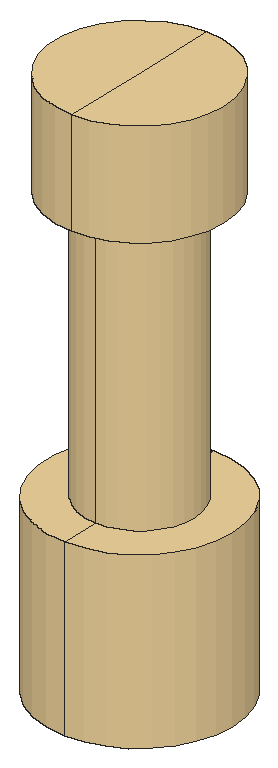
Revit family "H10-stud-hook-revit-family", category Furniture, Revit 2022
Family settings
  Work Plane-Based = Yes
  Always vertical = No
  Cut with Voids When Loaded = No
  Render Appearance Source = Family Geometry
  Shared = No
  Room Calculation Point = No
Parameters (values of type "H10, Stud Hook")
  URL = "https://www.duttonbrown.com/products/stud-hook-hardware"
  SKU number = "H10"
  Model = "Stud Hook"
  Manufacturer = "Dutton Brown"
  Height = 0"
  Finish Options [instance] = Dutton Brown - Finish - Brass
  Default Elevation = 48"
Reference planes (in)
  plane 1 "Center (Front/Back)": y = 0
  plane 2: z = 0
  plane 3 "Center (Left/Right)": x = 0
Forms (in)
  Revolve 1, solid, material "Dutton Brown - Finish - Brass" <- "Finish Options"
    sketch origin (0, 29.92126, 4.93326) x (0, 0, -1) y (0, 1, 0)
      loop
        line (2.95276, -29.92126) -> (2.95276, -30.22441) -> (3.32677, -30.22441) -> (3.32677, -29.92126) -> (2.95276, -29.92126)
      axis (2.95276, -29.92126) -> (3.32677, -29.92126)
    angle from 0 to 360
  Revolve 2, solid, material "Dutton Brown - Finish - Brass" <- "Finish Options"
    sketch origin (0, 29.92126, 4.93326) x (0, 0, -1) y (0, 1, 0)
      loop
        line (3.32677, -29.92126) -> (3.32677, -30.11811) -> (4.31102, -30.11811) -> (4.31102, -29.92126) -> (3.32677, -29.92126)
      axis (3.32677, -29.92126) -> (4.31102, -29.92126)
    angle from 0 to 360
  Revolve 3, solid, material "Dutton Brown - Finish - Brass" <- "Finish Options"
    sketch origin (0, 29.92126, 4.93326) x (0, 0, -1) y (0, 1, 0)
      loop
        line (4.31102, -29.92126) -> (4.31102, -30.25624) -> (4.93326, -30.25624) -> (4.93326, -29.92126) -> (4.31102, -29.92126)
      axis (4.31102, -29.92126) -> (4.93326, -29.92126)
    angle from 0 to 360
Cuts and joins
  joined: Revolve 1, Revolve 2, Revolve 3
Dimensions and locks (in)
  aligned and locked: level to plane 2
